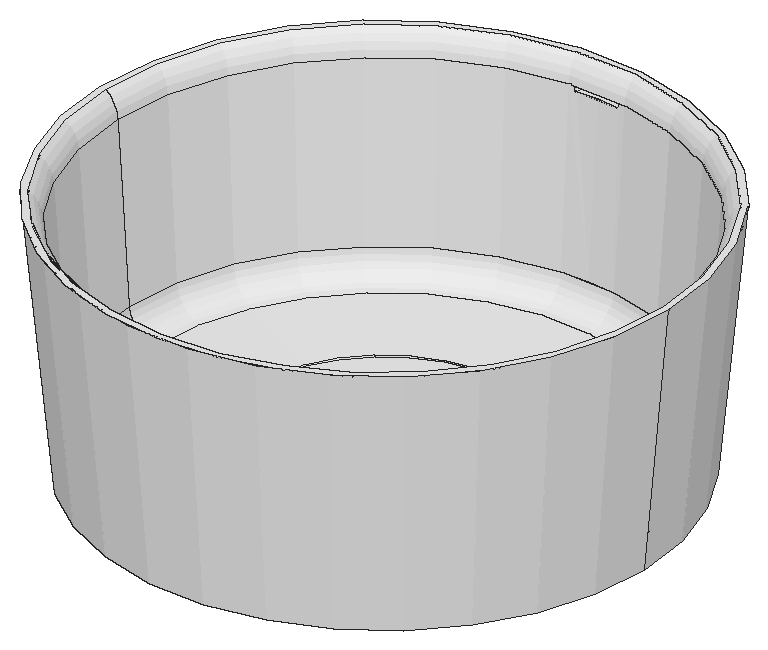
Revit family "Reece_Bath_LAUFEN_Val_Freestanding Bath_1300 mm_Round", category Plumbing Fixtures, Revit 2018
Family settings
  Round Connector Dimension = Use Diameter
  Part Type = Normal
  Work Plane-Based = Yes
  Always vertical = Yes
  Cut with Voids When Loaded = Yes
  Shared = Yes
  Room Calculation Point = Yes
Parameters (values of type "White")
  URL = "https://www.reece.com.au/product/-9510105"
  Type Comments = "Bath"
  Reece_Product_Web Page = "https://www.reece.com.au/product/-9510105"
  Reece_Product_Type = "Bath"  # constant formula
  Reece_Product_Sub Brand = "Val"  # constant formula
  Reece_Product_Number = "9510105"
  Reece_Product_Mount = "Floor Mounted"
  Reece_Product_Description = "LAUFEN Val Freestanding Bath with Overflow 1300 Round Sentec White"
  Reece_Product_Brand = "Laufen"  # constant formula
  Reece_Overall_Width = 1300 mm  # constant formula
  Reece_Overall_Length = 1300 mm  # constant formula
  Reece_Overall_Height = 550 mm  # constant formula
  Reece_Overall_Capacity = 460.00 L  # constant formula
  Reece_Material_Secondary = Reece_Brass_Chrome
  Reece_Material_Main = Reece_Acrylic_White
  Reece_Detail_Installation = "Freestanding Bath"  # constant formula
  Reece_Detail_Disclaimer = "THIS FILE IS THE PROPERTY OF THE REECE GROUP. IT MAY NOT BE REPRODUCED, REVERSE-ENGINEERED OR MODIFIED. ANY REPUBLICATION, TRANSMISSION OR DISTRIBUTION FOR THE PURPOSE OF COMMERCIALLY EXPLOITING THE FILES IS PROHIBITED."  # constant formula
  Reece_Detail_Additional = "Overflow"  # constant formula
  Reece_Bath_Outlet = 40 mm  # constant formula
  Model = "Val"
  Manufacturer = "Laufen"
  Keynote = "Product #9510105, Reece_Bath_LAUFEN_Val_Freestanding Bath_1300 mm_Round - White"
  Disclaimer = "THIS FILE IS THE PROPERTY OF THE REECE GROUP. IT MAY NOT BE REPRODUCED, REVERSE-ENGINEERED OR MODIFIED. ANY REPUBLICATION, TRANSMISSION OR DISTRIBUTION FOR THE PURPOSE OF COMMERCIALLY EXPLOITING THE FILES IS PROHIBITED."  # constant formula
  Description = "Laufen Val Freestanding Bath with Overflow 1300 Round Sentec White\r\n"
  Default Elevation = 0 mm
Reference planes
  plane 1 "Center (Front/Back)": y = 0
  plane 2 "Bottom Host Plane": z = 0
  plane 3 "Center (Left/Right)": x = 0
  plane 4: x = -650
  plane 5: y = 650
  plane 6: y = -650
  plane 7: x = 650
  plane 8: z = 550
  plane 9: y = 660
  plane 10: y = 590
Forms (mm)
  Sweep 1, solid, material "Reece_Acrylic_White" <- "Reece_Material_Main"
    path origin (0, 0, 0) x (1, 0, 0) y (0, 1, 0)
      loop
        circle (0, 0) r 650
    profile origin (0, -650, 0) x (0, -1, 0) y (0, 0, 1)
      loop
        line (0, 550) -> (-13.983, 550)
        arc (-13.983, 550) -> (-32.812, 525.898) -> (-40.696, 496.347) r 76.513
        arc (-40.696, 496.347) -> (-52.859, 310.203) -> (-67.158, 124.211) r 16249.45
        arc (-67.158, 124.211) -> (-86.918, 82.68) -> (-129.216, 64.622) r 65
        arc (-129.216, 64.622) -> (-234.026, 59.983) -> (-338.814, 54.853) r 22362.438
        arc (-338.814, 54.853) -> (-341.606, 54.746) -> (-344.4, 54.71) r 109.011
        line (-344.4, 54.71) -> (-370, 54.71) -> (-370, 0) -> (-55, 0) -> (0, 550)
  Extrusion 2, solid, material "Reece_Acrylic_White" <- "Reece_Material_Main"
    sketch origin (0, 0, 0) x (1, 0, 0) y (0, 1, 0)
      loop
        circle (0, 0) r 280
    from 0 to 54.71
  Revolve 3, solid, material "Reece_Brass_Chrome" <- "Reece_Material_Secondary"
    sketch origin (0, 155, -65.29) x (0, -1, 0) y (0, 0, 1)
      loop
        line (136.811, 117) -> (136.811, 114.492) -> (155, 114.492) -> (155, 120.952)
        arc (155, 120.952) -> (144.989, 120.714) -> (135, 120) r 210.452
        line (135, 120) -> (135, 117) -> (136.811, 117)
      loop
        line (135, 110) -> (155, 110) -> (155, 113) -> (133.93, 113) -> (133.93, 120) -> (125, 120)
        arc (125, 120) -> (127.929, 112.929) -> (135, 110) r 10
      axis (155, 120.952) -> (155, 110)
    angle from 0 to 360
  Revolve 4, void
    sketch origin (0, 155, -38.993) x (0, -1, 0) y (0, 0, 1)
      loop
        line (155, 93.703) -> (125, 93.703)
        arc (125, 93.703) -> (127.929, 86.632) -> (135, 83.703) r 10
        line (135, 83.703) -> (135, 0) -> (155, 0) -> (155, 93.703)
      axis (155, 0) -> (155, 93.703)
    angle from 0 to 360
  Extrusion 5, void
    sketch origin (0, 0, -18.856) x (1, 0, 0) y (0, 0, 1)
      loop
        arc (46.005, 504.796) -> (51.014, 509.806) -> (46.005, 514.816) r 5.01
        line (46.005, 514.816) -> (-46.005, 514.816)
        arc (-46.005, 514.816) -> (-51.014, 509.806) -> (-46.005, 504.796) r 5.01
        line (-46.005, 504.796) -> (46.005, 504.796)
    from -660 to -590
Cuts and joins
  Revolve 4, Extrusion 5 cuts Sweep 1
  Revolve 4, Extrusion 5 cuts Extrusion 2
  joined: Sweep 1, Extrusion 2
Lines and regions (mm)
  symbolic lines, style "PlumbingFixtures"
    curve 1: circle (0, 0, 0) r 550 normal (0, 0, 1)
Text (mm)
  text "Reece ©" at (3027.747, -1711.958, 3277.107), in view "Reece Preview"
  text "Reece ©" at (1631.025, -1085.127, -1020.679), in view "Ref. Level"
Dimensions and locks
  "Reece_Overall_Length": plane 4 to plane 7
  "Reece_Overall_Width": plane 5 to plane 6
  equal spacing: plane 6, plane 1 "Center (Front/Back)", plane 5
  equal spacing: plane 4, plane 3 "Center (Left/Right)", plane 7
  "Reece_Overall_Height": plane 8 to plane 2 "Bottom Host Plane"
  aligned and locked: Extrusion 2 sketch curve to cut or joined group of Sweep 1, Extrusion 2, Revolve 4, Extrusion 5  (x2)
  aligned and locked: plane 8 to Sweep 1 sketch curve
  aligned and locked: plane 9 to Extrusion 5
  aligned and locked: plane 10 to Extrusion 5
Automatic sketch dimensions
  plane 1 "Center (Front/Back)" to curve 1 = 0 mm
  curve 1 to plane 3 "Center (Left/Right)" = 0 mm
  plane 1 "Center (Front/Back)" to Sweep 1 sketch curve = 0 mm
  Sweep 1 sketch curve to plane 3 "Center (Left/Right)" = 0 mm
  Sweep 1 sketch curve to level = 0 mm
  Sweep 1 sketch curve to profile plane = 0 mm
  Sweep 1 sketch curve to Sweep 1 sketch curve = 13.983 mm
  profile plane to Sweep 1 sketch curve = 55 mm
  profile plane to Sweep 1 sketch curve = 131.937 mm
  level to Sweep 1 sketch curve = 54.71 mm
  Sweep 1 sketch curve to Sweep 1 sketch curve = 212.463 mm
  Sweep 1 sketch curve to Sweep 1 sketch curve = 25.6 mm
  level to Sweep 1 sketch curve = 1462.784 mm
  Sweep 1 sketch curve to Sweep 1 sketch curve = 15891.381 mm
  Sweep 1 sketch curve to profile plane = 35.682 mm
  Sweep 1 sketch curve to profile plane = 807.132 mm
  Sweep 1 sketch curve to level = 22278.204 mm
  level to Sweep 1 sketch curve = 129.565 mm
  Sweep 1 sketch curve to Sweep 1 sketch curve = 109.011 mm
  Sweep 1 sketch curve to Sweep 1 sketch curve = 58.204 mm
  Sweep 1 sketch curve to Sweep 1 sketch curve = 0 mm  (x3)
  Revolve 3 sketch curve to plane 1 "Center (Front/Back)" = 0 mm  (x3)
  Revolve 3 sketch curve to plane 1 "Center (Front/Back)" = 18.189 mm
  Revolve 3 sketch curve to Revolve 3 sketch curve = 1.811 mm  (x2)
  Revolve 3 sketch curve to Revolve 3 sketch curve = 1.07 mm
  Revolve 3 sketch curve to Revolve 3 sketch curve = 8.93 mm
  Revolve 3 sketch curve to level = 154.79 mm
  level to Revolve 3 sketch curve = 44.71 mm
  Revolve 3 sketch curve to Revolve 3 sketch curve = 3 mm
  Revolve 3 sketch curve to Revolve 3 sketch curve = 1.492 mm
  Revolve 3 sketch curve to Revolve 3 sketch curve = 2.508 mm
  Revolve 3 sketch curve to Revolve 3 sketch curve = 0 mm
  Revolve 3 sketch curve to Revolve 3 sketch curve = 41.589 mm
  Revolve 3 sketch curve to Revolve 3 sketch curve = 81.089 mm
  Revolve 4 sketch curve to plane 1 "Center (Front/Back)" = 0 mm  (x2)
  Revolve 4 sketch curve to plane 1 "Center (Front/Back)" = 20 mm
  Revolve 4 sketch curve to Revolve 4 sketch curve = 10 mm
  Revolve 4 sketch curve to level = 38.993 mm
  level to Revolve 4 sketch curve = 44.71 mm
  Revolve 4 sketch curve to level = 18.993 mm
  Revolve 4 sketch curve to Revolve 4 sketch curve = 96.297 mm
  Extrusion 5 sketch curve to plane 3 "Center (Left/Right)" = 46.005 mm
  plane 3 "Center (Left/Right)" to Extrusion 5 sketch curve = 46.005 mm
  Extrusion 5 sketch curve to plane 8 = 64.06 mm
  Extrusion 5 sketch curve to Extrusion 5 sketch curve = 5.01 mm
  radius of curve 1 = 550 mm
  radius of Sweep 1 sketch curve = 650 mm
Connectors
  piping at (0, 0, 0), diameter 40, driven by "Reece_Bath_Outlet"
    settings: on cut or joined group of Sweep 1, Extrusion 2, Revolve 4, Extrusion 5, index 1, connector inside diameter 609.6 mm, connector length 0 mm, flow factor 0, pipe flow 0.0 L/s, pressure drop 0.0 Pa, fitting loss kfactor 0, connector angle 0.00°, fixture units 0, engagement length 0 mm, angle of deflection 0.00°, flow configuration 0, flow direction 2, fitting loss method 0, system type 16, joint type 0, gender type 0, connector reference index -1, connector utility 0, adjustable connector no, is connector primary yes, connector description ""
